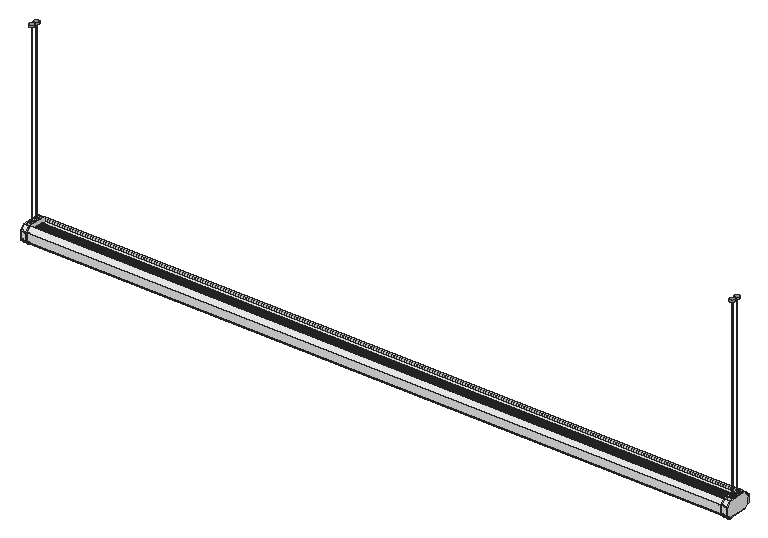
Revit family "Uno Suspended Lighting Fixture 1", category Lighting Fixtures, host Ceiling, Revit 2018 (continued)
Definition of nested family "Uno Suspended-UNOS1 With Joiner"
  Dimensions and locks (in)
    aligned and locked: Extrusion 15 to plane 29
    aligned and locked: Extrusion 16 to plane 18
    aligned and locked: Extrusion 16 sketch curve to plane 12
    aligned and locked: Extrusion 16 sketch curve to plane 28
    aligned and locked: Extrusion 16 sketch curve to plane 26
    aligned and locked: plane 27 to Extrusion 16 sketch curve
    aligned and locked: Extrusion 17 to plane 18
    aligned and locked: Extrusion 7 to plane 9
    aligned and locked: plane 7 to Extrusion 7
    aligned and locked: Extrusion 3 sketch curve to cut or joined group of Extrusion 1, Extrusion 7  (x4)
    aligned and locked: Extrusion 17 to plane 17
    aligned and locked: Extrusion 16 to plane 17
    aligned and locked: Extrusion 17 sketch curve to cut or joined group of Extrusion 1, Extrusion 7  (x2)
    aligned and locked: Extrusion 17 sketch curve to plane 5
    aligned and locked: Extrusion 17 sketch curve to plane 10
    aligned and locked: Extrusion 17 sketch curve to plane 19
    aligned and locked: Extrusion 17 sketch curve to plane 14
    aligned and locked: Extrusion 17 sketch curve to plane 8
    aligned and locked: Extrusion 17 sketch curve to plane 12
    aligned and locked: plane 8 to Extrusion 17 sketch curve
    aligned and locked: plane 12 to Extrusion 17 sketch curve
    aligned and locked: Extrusion 17 sketch curve to plane 6
    aligned and locked: plane 11 to Extrusion 17 sketch curve
    aligned and locked: plane 7 to Extrusion 17 sketch curve
    aligned and locked: plane 20 to Extrusion 17 sketch curve
    aligned and locked: cut or joined group of Extrusion 1, Extrusion 7 to Extrusion 17 sketch curve
    aligned and locked: plane 4 "Light Source Elevation" to plane 13
    aligned and locked: plane 1 "Light Source Axis (F/B)" to Extrusion 20 sketch curve
    aligned and locked: plane 32 to Extrusion 6 sketch curve  (x3)
    aligned and locked: plane 1 "Light Source Axis (F/B)" to Revolve 21
    aligned and locked: plane 1 "Light Source Axis (F/B)" to Revolve 22
    aligned and locked: plane 32 to Extrusion 23 sketch curve
    aligned and locked: plane 1 "Light Source Axis (F/B)" to Extrusion 23 sketch curve
    aligned and locked: Extrusion 13 to Extrusion 23
    aligned and locked: Extrusion 23 to plane 7
    aligned and locked: Extrusion 19 to Revolve 22
  Automatic sketch dimensions
    Extrusion 1 sketch curve to plane 6 = 0' - 0"
    Extrusion 1 sketch curve to plane 11 = 0' - 0"
    Extrusion 1 sketch curve to plane 8 = 0' - 0"
    Extrusion 1 sketch curve to plane 12 = 0' - 0"
    Extrusion 1 sketch curve to plane 14 = 0' - 0"
    Extrusion 1 sketch curve to plane 7 = 0' - 0"  (x3)
    Extrusion 1 sketch curve to plane 19 = 0' - 0"
    Extrusion 1 sketch curve to plane 10 = 0' - 0"
    Extrusion 1 sketch curve to plane 5 = 0' - 0"
    plane 6 to Extrusion 1 sketch curve = 0' - 0.02034"
    plane 6 to Extrusion 1 sketch curve = 0' - 0.02059"
    Extrusion 1 sketch curve to plane 14 = 0' - 0.02877"
    Extrusion 1 sketch curve to Extrusion 1 sketch curve = 0' - 0.04911"
    Extrusion 1 sketch curve to plane 15 = 0' - 0.02912"  (x2)
    Extrusion 1 sketch curve to Extrusion 1 sketch curve = 0' - 0 9/128"
    Extrusion 1 sketch curve to plane 20 = 0' - 0.0425"
    Extrusion 1 sketch curve to plane 20 = 0' - 0.10773"
    Extrusion 1 sketch curve to Extrusion 1 sketch curve = 0' - 0.19159"
    Extrusion 1 sketch curve to Extrusion 1 sketch curve = 0' - 0.09526"  (x4)
    Extrusion 1 sketch curve to Extrusion 1 sketch curve = 0' - 0.38212"
    plane 14 to Extrusion 1 sketch curve = 0' - 0.0425"
    Extrusion 1 sketch curve to plane 19 = 0' - 0.10773"
    Extrusion 1 sketch curve to plane 19 = 0' - 0.0425"
    Extrusion 1 sketch curve to plane 14 = 0' - 0.02912"
    Extrusion 1 sketch curve to plane 5 = 0' - 0 9/128"  (x2)
    Extrusion 1 sketch curve to plane 5 = 0' - 0.02059"  (x2)
    Extrusion 1 sketch curve to plane 15 = 0' - 0.06523"  (x2)
    Extrusion 1 sketch curve to plane 14 = 0' - 0.06523"  (x2)
    Extrusion 1 sketch curve to Extrusion 1 sketch curve = 0' - 0"  (x2)
    plane 14 to Extrusion 1 sketch curve = 0' - 0.09027"  (x2)
    Extrusion 1 sketch curve to Extrusion 1 sketch curve = 0' - 0.09027"  (x2)
    Extrusion 1 sketch curve to plane 9 = 0' - 0.10773"  (x2)
    Extrusion 1 sketch curve to plane 7 = 0' - 0 11/256"
    Extrusion 2 sketch curve to plane 6 = 0' - 0"
    Extrusion 2 sketch curve to plane 11 = 0' - 0"
    Extrusion 2 sketch curve to plane 20 = 0' - 0"
    Extrusion 2 sketch curve to plane 7 = 0' - 0"  (x3)
    Extrusion 2 sketch curve to plane 8 = 0' - 0"
    Extrusion 2 sketch curve to plane 12 = 0' - 0"
    Extrusion 2 sketch curve to plane 14 = 0' - 0"  (x2)
    Extrusion 2 sketch curve to plane 19 = 0' - 0"
    Extrusion 2 sketch curve to plane 10 = 0' - 0"
    Extrusion 2 sketch curve to plane 5 = 0' - 0"
    plane 6 to Extrusion 2 sketch curve = 0' - 0.02034"
    plane 6 to Extrusion 2 sketch curve = 0' - 0.02059"
    Extrusion 2 sketch curve to plane 14 = 0' - 0.02877"
    Extrusion 2 sketch curve to Extrusion 2 sketch curve = 0' - 0.06946"
    Extrusion 2 sketch curve to plane 15 = 0' - 0.02912"  (x2)
    Extrusion 2 sketch curve to Extrusion 2 sketch curve = 0' - 0 9/128"
    plane 8 to Extrusion 2 sketch curve = 0' - 0.01259"
    Extrusion 2 sketch curve to plane 20 = 0' - 0.02991"
    Extrusion 2 sketch curve to plane 20 = 0' - 0.0425"
    Extrusion 2 sketch curve to Extrusion 2 sketch curve = 0' - 0.03038"
    Extrusion 2 sketch curve to plane 20 = 0' - 0.10773"
    plane 14 to Extrusion 2 sketch curve = 0' - 0.0425"  (x4)
    Extrusion 2 sketch curve to plane 27 = 0' - 0.26661"
    Extrusion 2 sketch curve to Extrusion 2 sketch curve = 0' - 0.19159"
    Extrusion 2 sketch curve to Extrusion 2 sketch curve = 0' - 0.09526"  (x4)
    plane 14 to Extrusion 2 sketch curve = 0' - 0.18054"
    Extrusion 2 sketch curve to plane 1 "Light Source Axis (F/B)" = 0' - 0.39377"
    Extrusion 2 sketch curve to plane 7 = 0' - 0 11/256"
    Extrusion 2 sketch curve to plane 26 = 0' - 0.30911"
    Extrusion 2 sketch curve to plane 19 = 0' - 0.10773"
    Extrusion 2 sketch curve to plane 19 = 0' - 0.0603"
    plane 8 to Extrusion 2 sketch curve = 0' - 0.01257"
    Extrusion 2 sketch curve to plane 19 = 0' - 0.02993"
    Extrusion 2 sketch curve to plane 14 = 0' - 0.02912"
    Extrusion 2 sketch curve to plane 5 = 0' - 0 9/128"  (x2)
    Extrusion 2 sketch curve to plane 5 = 0' - 0.02059"  (x2)
    Extrusion 2 sketch curve to plane 9 = 0' - 0.10773"  (x2)
    Extrusion 2 sketch curve to Extrusion 2 sketch curve = 0' - 0.18054"
    plane 14 to Extrusion 2 sketch curve = 0' - 0.09027"  (x2)
    Extrusion 2 sketch curve to plane 14 = 0' - 0.06523"  (x2)
    Extrusion 2 sketch curve to plane 15 = 0' - 0.06523"  (x2)
    plane 6 to Extrusion 3 sketch curve = 0' - 0.02034"
    plane 6 to Extrusion 3 sketch curve = 0' - 0.02059"
    Extrusion 3 sketch curve to plane 20 = 0' - 0.0425"
    Extrusion 3 sketch curve to plane 19 = 0' - 0.0425"
    Extrusion 3 sketch curve to plane 5 = 0' - 0.02059"  (x2)
    Extrusion 4 sketch curve to plane 6 = 0' - 0"
    Extrusion 4 sketch curve to plane 8 = 0' - 0"
    Extrusion 4 sketch curve to plane 7 = 0' - 0"
    Extrusion 4 sketch curve to plane 5 = 0' - 0"
    plane 6 to Extrusion 4 sketch curve = 0' - 0.02034"
    plane 6 to Extrusion 4 sketch curve = 0' - 0.02059"
    Extrusion 4 sketch curve to plane 14 = 0' - 0.02877"
    Extrusion 4 sketch curve to Extrusion 4 sketch curve = 0' - 0.04911"
    Extrusion 4 sketch curve to plane 15 = 0' - 0.02912"  (x2)
    Extrusion 4 sketch curve to Extrusion 4 sketch curve = 0' - 0.04972"
    Extrusion 4 sketch curve to plane 7 = 0' - 0.01305"
    Extrusion 4 sketch curve to plane 20 = 0' - 0.02945"
    plane 8 to Extrusion 4 sketch curve = 0' - 0.01257"  (x2)
    Extrusion 4 sketch curve to plane 20 = 0' - 0.02993"
    Extrusion 4 sketch curve to Extrusion 4 sketch curve = 0' - 0.03037"
    Extrusion 4 sketch curve to Extrusion 4 sketch curve = 0' - 0.0315"
    Extrusion 4 sketch curve to plane 19 = 0' - 0.0603"  (x2)
    Extrusion 4 sketch curve to plane 7 = 0' - 0.01257"
    Extrusion 4 sketch curve to plane 19 = 0' - 0.02993"  (x2)
    Extrusion 4 sketch curve to plane 5 = 0' - 0 9/128"  (x2)
    Extrusion 4 sketch curve to plane 14 = 0' - 0.02912"
    Extrusion 4 sketch curve to plane 5 = 0' - 0.02059"  (x2)
    Extrusion 5 sketch curve to plane 15 = 0' - 0.02737"  (x2)
    plane 6 to Extrusion 5 sketch curve = 0' - 0.06607"
    Extrusion 5 sketch curve to plane 20 = 0' - 0.06987"  (x2)
    Extrusion 5 sketch curve to plane 28 = 0' - 0.01267"
    Extrusion 5 sketch curve to plane 19 = 0' - 0.06987"  (x2)
    Extrusion 5 sketch curve to plane 5 = 0' - 0.06607"
    Extrusion 5 sketch curve to plane 14 = 0' - 0.02737"  (x2)
    Extrusion 5 sketch curve to plane 7 = 0' - 0.06607"
    Extrusion 8 sketch curve to plane 31 = 0' - 0.97247"
    Extrusion 8 sketch curve to plane 31 = 0' - 1.4302"
    Revolve 9 sketch curve to plane 25 = 0' - 0"  (x2)
    plane 25 to Revolve 9 sketch curve = 0' - 0.0584"
    plane 7 to Revolve 9 sketch curve = 0' - 0 1/256"
    Revolve 9 sketch curve to Revolve 9 sketch curve = 0' - 0.07117"
    Revolve 9 sketch curve to Revolve 9 sketch curve = 0' - 0.04714"  (x2)
    Revolve 9 sketch curve to plane 7 = 0' - 0 3/64"
    Revolve 9 sketch curve to Revolve 9 sketch curve = 0' - 0.02475"  (x2)
    Revolve 9 sketch curve to Revolve 9 sketch curve = 0' - 0.05341"
    Revolve 9 sketch curve to Revolve 9 sketch curve = 0' - 0"
    Revolve 9 sketch curve to Revolve 9 sketch curve = 0' - 0.12376"
    Revolve 10 sketch curve to plane 25 = 0' - 0"  (x2)
    plane 25 to Revolve 10 sketch curve = 0' - 0.0584"
    plane 7 to Revolve 10 sketch curve = 0' - 0 1/256"
    Revolve 10 sketch curve to Revolve 10 sketch curve = 0' - 0.07117"
    Revolve 10 sketch curve to Revolve 10 sketch curve = 0' - 0.04714"  (x2)
    Revolve 10 sketch curve to Revolve 10 sketch curve = 0' - 0.02475"  (x2)
    Revolve 10 sketch curve to Revolve 10 sketch curve = 0' - 0.05341"
    Revolve 10 sketch curve to plane 7 = 0' - 0 3/64"
    Revolve 10 sketch curve to Revolve 10 sketch curve = 0' - 0"
    Revolve 10 sketch curve to Revolve 10 sketch curve = 0' - 0.12376"
    Revolve 11 sketch curve to plane 32 = 0' - 0"  (x2)
    Revolve 11 sketch curve to plane 32 = 0' - 0.0584"
    plane 7 to Revolve 11 sketch curve = 0' - 0 1/256"
    Revolve 11 sketch curve to Revolve 11 sketch curve = 0' - 0.07117"
    Revolve 11 sketch curve to Revolve 11 sketch curve = 0' - 0.04714"  (x2)
    Revolve 11 sketch curve to Revolve 11 sketch curve = 0' - 0.02475"  (x2)
    Revolve 11 sketch curve to Revolve 11 sketch curve = 0' - 0.05341"
    Revolve 11 sketch curve to plane 7 = 0' - 0 3/64"
    Revolve 11 sketch curve to Revolve 11 sketch curve = 0' - 0"
    Revolve 11 sketch curve to Revolve 11 sketch curve = 0' - 0.12376"
    Revolve 12 sketch curve to plane 32 = 0' - 0"  (x2)
    Revolve 12 sketch curve to plane 32 = 0' - 0.0584"
    plane 7 to Revolve 12 sketch curve = 0' - 0 1/256"
    Revolve 12 sketch curve to Revolve 12 sketch curve = 0' - 0.07117"
    Revolve 12 sketch curve to Revolve 12 sketch curve = 0' - 0.04714"  (x2)
    Revolve 12 sketch curve to plane 7 = 0' - 0 3/64"
    Revolve 12 sketch curve to Revolve 12 sketch curve = 0' - 0.02475"  (x2)
    Revolve 12 sketch curve to Revolve 12 sketch curve = 0' - 0.05341"
    Revolve 12 sketch curve to Revolve 12 sketch curve = 0' - 0"
    Revolve 12 sketch curve to Revolve 12 sketch curve = 0' - 0.12376"
    Extrusion 15 sketch curve to plane 25 = 0' - 0"  (x2)
    Extrusion 17 sketch curve to plane 7 = 0' - 0"
    plane 6 to Extrusion 17 sketch curve = 0' - 0.02034"
    plane 6 to Extrusion 17 sketch curve = 0' - 0.02059"
    Extrusion 17 sketch curve to plane 14 = 0' - 0.02877"
    Extrusion 17 sketch curve to Extrusion 17 sketch curve = 0' - 0.04911"
    Extrusion 17 sketch curve to plane 15 = 0' - 0.02912"  (x2)
    Extrusion 17 sketch curve to Extrusion 17 sketch curve = 0' - 0 9/128"
    Extrusion 17 sketch curve to plane 20 = 0' - 0.0425"  (x2)
    Extrusion 17 sketch curve to plane 20 = 0' - 0.10773"
    Extrusion 17 sketch curve to Extrusion 17 sketch curve = 0' - 0.01821"  (x6)
    Extrusion 17 sketch curve to plane 19 = 0' - 0.10773"
    Extrusion 17 sketch curve to plane 19 = 0' - 0.0425"
    Extrusion 17 sketch curve to plane 5 = 0' - 0 9/128"
    Extrusion 17 sketch curve to plane 14 = 0' - 0.02912"
    Extrusion 17 sketch curve to plane 5 = 0' - 0.02059"  (x2)
    Extrusion 17 sketch curve to plane 9 = 0' - 0.10773"  (x2)
    Extrusion 17 sketch curve to Extrusion 17 sketch curve = 0' - 0.06038"  (x2)
    plane 14 to Extrusion 17 sketch curve = 0' - 0.10288"  (x4)
    plane 14 to Extrusion 17 sketch curve = 0' - 0.0425"  (x2)
    Extrusion 17 sketch curve to Extrusion 17 sketch curve = 0' - 0"  (x3)
    Extrusion 17 sketch curve to plane 14 = 0' - 0.06523"  (x2)
    Extrusion 17 sketch curve to plane 15 = 0' - 0.06523"  (x2)
    Sweep 18 sketch curve to profile plane = 0' - 0"  (x2)
    Sweep 18 sketch curve to profile plane = 0' - 0.01196"
    profile plane to Sweep 18 sketch curve = 0' - 0.07712"
    Sweep 18 sketch curve to Sweep 18 sketch curve = 0' - 0.00162"
    plane 1 "Light Source Axis (F/B)" to Extrusion 19 sketch curve = 0' - 0"
    Extrusion 19 sketch curve to plane 25 = 0' - 0"
    plane 1 "Light Source Axis (F/B)" to Extrusion 20 sketch curve = 0' - 0"
    Extrusion 20 sketch curve to plane 25 = 0' - 0"
    Revolve 21 sketch curve to plane 32 = 0' - 0"  (x2)
    Revolve 21 sketch curve to plane 32 = 0' - 0.0584"
    plane 7 to Revolve 21 sketch curve = 0' - 0 1/256"
    Revolve 21 sketch curve to Revolve 21 sketch curve = 0' - 0.07117"
    Revolve 21 sketch curve to Revolve 21 sketch curve = 0' - 0.04714"  (x2)
    Revolve 21 sketch curve to plane 7 = 0' - 0 3/64"
    Revolve 21 sketch curve to Revolve 21 sketch curve = 0' - 0.02475"  (x2)
    Revolve 21 sketch curve to Revolve 21 sketch curve = 0' - 0.05341"
    Revolve 21 sketch curve to Revolve 21 sketch curve = 0' - 0"
    Revolve 21 sketch curve to Revolve 21 sketch curve = 0' - 0.12376"
    Revolve 22 sketch curve to plane 25 = 0' - 0"  (x2)
    plane 25 to Revolve 22 sketch curve = 0' - 0.0584"
    plane 7 to Revolve 22 sketch curve = 0' - 0 1/256"
    Revolve 22 sketch curve to Revolve 22 sketch curve = 0' - 0.07117"
    Revolve 22 sketch curve to Revolve 22 sketch curve = 0' - 0.04714"  (x2)
    Revolve 22 sketch curve to plane 7 = 0' - 0 3/64"
    Revolve 22 sketch curve to Revolve 22 sketch curve = 0' - 0.02475"  (x2)
    Revolve 22 sketch curve to Revolve 22 sketch curve = 0' - 0.05341"
    Revolve 22 sketch curve to Revolve 22 sketch curve = 0' - 0"
    Revolve 22 sketch curve to Revolve 22 sketch curve = 0' - 0.12376"
    radius of Extrusion 1 sketch curve = 0' - 0 1/32"  (x2)
    radius of Extrusion 2 sketch curve = 0' - 0 1/32"  (x2)
    radius of Extrusion 6 sketch curve = 0' - 0.13765"  (x3)
    radius of Extrusion 7 sketch curve = 0' - 0.13765"  (x3)
    radius of Extrusion 13 sketch curve = 0' - 0.03694"
    radius of Extrusion 13 sketch curve = 0' - 0.03704"
    radius of Extrusion 14 sketch curve = 0' - 0 9/256"  (x2)
    radius of Extrusion 15 sketch curve = 0' - 0.32865"  (x2)
    radius of Extrusion 15 sketch curve = 0' - 0 21/64"  (x2)
    radius of Extrusion 19 sketch curve = 0' - 0.03694"
    radius of Extrusion 20 sketch curve = 0' - 0.32865"  (x2)
    radius of Extrusion 23 sketch curve = 0' - 0.03694"
Definition of nested family "Uno Suspended-UNOS1 With 2 Joiner"
  Parameters (values of type "4FT")
    xx2 = 0' - 0 7/8"
    Width [instance] = 3' - 10"
    Wattage = 9.2903 W
    built-in parameter 1150110 = 1 (stored number, unit not read)
    built-in parameter 1114217 = 1 (stored number, unit not read)
    Tilt Angle = 90.00°
    built-in parameter 1150109 = 1 (stored number, unit not read)
    built-in parameter 1150134 = (empty or 0)
    built-in parameter 1150113 = 1 (stored number, unit not read)
    Standard Power Dropdown [instance] = no
    Power over Aircraft Cable [instance] = yes
    Photometric Web File = ""
    built-in parameter 1150142 = (empty or 0)
    Material = none
    Lumens = 1075.82 lm
    built-in parameter 1150115 = 1 (stored number, unit not read)
    built-in parameter 1150105 = 85.611 (stored number, unit not read)
    built-in parameter 1150137 = (empty or 0)
    built-in parameter 1150139 = (empty or 0)
    Length = 4' - 0"
    built-in parameter 1150112 = 1 (stored number, unit not read)
    built-in parameter 1150114 = 1 (stored number, unit not read)
    built-in parameter 1150132 = (empty or 0)
    built-in parameter 1150102 = (empty or 0)
    built-in parameter 1150138 = (empty or 0)
    built-in parameter 1150107 = 3000 (stored number, unit not read)
    built-in parameter 1150106 = 0.85611 (stored number, unit not read)
    Heigth = 0' - 2.17"
    Hanger = none
    Glass = none
    Emit from Line Length = 4' - 0"
    built-in parameter 1150104 = 10.758 (stored number, unit not read)
    Distance from ceiling = 5' - 0"
    Dimming Lamp Color Temperature Shift = (empty or 0)
    Depth = 0' - 3.67"
    Color Filter = 16777215
    built-in parameter 1114218 = 1 (stored number, unit not read)
    built-in parameter 1150133 = 10 (stored number, unit not read)
    Apparent Load = 0 VA
  Types (3): name | Length | Emit from Line Length
    4FT | 4' - 0" | 4' - 0"
    6FT | 6' - 0" | 6' - 0"
    8FT | 8' - 0" | 8' - 0"
  Reference planes (in)
    plane 1 "Light Source Axis (F/B)": y = 0
    plane 2 "Ceiling": z = 96
    plane 3 "Light Source Axis (L/R)": x = 0
    plane 4 "Light Source Elevation": z = 34.915
    plane 5: y = 1.835
    plane 6: y = -1.835
    plane 7: z = 36
    plane 8: z = 33.83
    plane 9: z = 35.84252
    plane 10: y = 1.67752
    plane 11: y = -1.67752
    plane 12: z = 33.98748
    plane 13: z = 34.915
    plane 14: z = 35.4575
    plane 15: z = 34.3725
    plane 16: x = -23.125
    plane 17: x = 23.125
    plane 18: y = 1.335
    plane 19: y = -1.335
    plane 20: x = -23.20374
    plane 21: x = 23.20374
    plane 22: x = -24
    plane 23: x = 24
    plane 24: x = -23.60187
    plane 25: y = 1.085
    plane 26: y = -1.085
    plane 27: z = 33.90874
    plane 28: z = 95.84252
    plane 29: x = -0.25
    plane 30: x = 0.25
    plane 31: x = 23.5625
  Forms (in)
    Extrusion 1, solid, material <- "Material"
      sketch origin (0, 0, 0) x (0, 1, 0) y (0, 0, 1)
        loop
          line (1.81441, 35.47809) -> (1.2925, 36) -> (1.2925, 35.5) -> (0.81839, 35.5) -> (0.81839, 36) -> (-0.81839, 36) -> (-0.81839, 35.5) -> (-1.2925, 35.5) -> (-1.2925, 36) -> (-1.81466, 35.47784)
          arc (-1.81466, 35.47784) -> (-1.82971, 35.45531) -> (-1.835, 35.42873) r 0.06946
          line (-1.835, 35.42873) -> (-1.835, 34.40162)
          arc (-1.835, 34.40162) -> (-1.82965, 34.37472) -> (-1.81441, 34.35191) r 0.07031
          line (-1.81441, 34.35191) -> (-1.2925, 33.83) -> (1.2925, 33.83) -> (1.81441, 34.35191)
          arc (1.81441, 34.35191) -> (1.82965, 34.37472) -> (1.835, 34.40162) r 0.07031
          line (1.835, 34.40162) -> (1.835, 35.42838)
          arc (1.835, 35.42838) -> (1.82965, 35.45528) -> (1.81441, 35.47809) r 0.07031
        loop
          line (1.335, 35.4575) -> (0.39377, 35.4575) -> (0.39377, 35.63804) -> (0.58429, 35.63804) -> (0.58429, 35.5) -> (0.77589, 35.5) -> (0.77589, 35.95703) -> (-0.77589, 35.95703) -> (-0.77589, 35.5) -> (-0.58429, 35.5) -> (-0.58429, 35.63804) -> (-0.39377, 35.63804) -> (-0.39377, 35.4575) -> (-1.335, 35.4575) -> (-1.335, 35.73479) -> (-1.67752, 35.39227) -> (-1.67752, 34.43773) -> (-1.22727, 33.98748) -> (1.22727, 33.98748) -> (1.67752, 34.43773) -> (1.67752, 35.39227) -> (1.335, 35.73479) -> (1.335, 35.4575)
        loop
          circle (-0.48903, 35.54777) r 0.03125
        loop
          circle (0.48903, 35.54777) r 0.03125
      from -24 to -23.20374
    Extrusion 2, solid, material <- "Material"
      sketch origin (0, 0, 0) x (0, 1, 0) y (0, 0, -1)
        loop
          arc (1.81441, -35.47809) -> (1.82965, -35.45528) -> (1.835, -35.42838) r 0.07031
          line (1.835, -35.42838) -> (1.835, -34.40162)
          arc (1.835, -34.40162) -> (1.82965, -34.37472) -> (1.81441, -34.35191) r 0.07031
          line (1.81441, -34.35191) -> (1.30507, -33.84257)
          arc (1.30507, -33.84257) -> (1.29114, -33.83327) -> (1.2747, -33.83) r 0.04297
          line (1.2747, -33.83) -> (-1.2747, -33.83)
          arc (-1.2747, -33.83) -> (-1.29115, -33.83327) -> (-1.30509, -33.84259) r 0.04297
          line (-1.30509, -33.84259) -> (-1.81441, -34.35191)
          arc (-1.81441, -34.35191) -> (-1.82965, -34.37472) -> (-1.835, -34.40162) r 0.07031
          line (-1.835, -34.40162) -> (-1.835, -35.42873)
          arc (-1.835, -35.42873) -> (-1.82971, -35.45531) -> (-1.81466, -35.47784) r 0.06946
          line (-1.81466, -35.47784) -> (-1.2925, -36) -> (-1.2925, -35.5) -> (-0.81839, -35.5) -> (-0.81839, -36) -> (0.81839, -36) -> (0.81839, -35.5) -> (1.2925, -35.5) -> (1.2925, -36) -> (1.81441, -35.47809)
        loop
          line (1.335, -35.4575) -> (1.335, -35.73479) -> (1.67752, -35.39227) -> (1.67752, -34.43773) -> (1.22727, -33.98748) -> (-1.22727, -33.98748) -> (-1.67752, -34.43773) -> (-1.67752, -35.39227) -> (-1.335, -35.73479) -> (-1.335, -35.4575) -> (-0.39377, -35.4575) -> (-0.39377, -35.63804) -> (-0.58429, -35.63804) -> (-0.58429, -35.5) -> (-0.77589, -35.5) -> (-0.77589, -35.95703) -> (0.77589, -35.95703) -> (0.77589, -35.5) -> (0.58429, -35.5) -> (0.58429, -35.63804) -> (0.39377, -35.63804) -> (0.39377, -35.4575) -> (1.335, -35.4575)
        loop
          circle (-0.48903, -35.54777) r 0.03125
        loop
          circle (0.48903, -35.54777) r 0.03125
      from -24 to -23.20374
    Extrusion 3, solid, material <- "Material"
      sketch origin (0, 0, 0) x (0, 1, 0) y (0, 0, 1)
        loop
          line (1.835, 34.40162) -> (1.835, 35.42838)
          arc (1.835, 35.42838) -> (1.82965, 35.45528) -> (1.81441, 35.47809) r 0.07031
          line (1.81441, 35.47809) -> (1.2925, 36) -> (-1.2925, 36) -> (-1.81466, 35.47784)
          arc (-1.81466, 35.47784) -> (-1.82971, 35.45531) -> (-1.835, 35.42873) r 0.06946
          line (-1.835, 35.42873) -> (-1.835, 34.40162)
          arc (-1.835, 34.40162) -> (-1.82965, 34.37472) -> (-1.81441, 34.35191) r 0.07031
          line (-1.81441, 34.35191) -> (-1.2925, 33.83) -> (1.2925, 33.83) -> (1.81441, 34.35191)
          arc (1.81441, 34.35191) -> (1.82965, 34.37472) -> (1.835, 34.40162) r 0.07031
      from -23.20374 to -23.125
    Extrusion 4, solid, material <- "Material"
      sketch origin (0, 0, 0) x (0, 1, 0) y (0, 0, -1)
        loop
          arc (1.835, -34.40162) -> (1.82965, -34.37472) -> (1.81441, -34.35191) r 0.07031
          line (1.81441, -34.35191) -> (1.30507, -33.84257)
          arc (1.30507, -33.84257) -> (1.29114, -33.83327) -> (1.2747, -33.83) r 0.04297
          line (1.2747, -33.83) -> (-1.2747, -33.83)
          arc (-1.2747, -33.83) -> (-1.29113, -33.83327) -> (-1.30507, -33.84257) r 0.04297
          line (-1.30507, -33.84257) -> (-1.81441, -34.35191)
          arc (-1.81441, -34.35191) -> (-1.82965, -34.37472) -> (-1.835, -34.40162) r 0.07031
          line (-1.835, -34.40162) -> (-1.835, -35.42873)
          arc (-1.835, -35.42873) -> (-1.82971, -35.45531) -> (-1.81466, -35.47784) r 0.06946
          line (-1.81466, -35.47784) -> (-1.30555, -35.98695)
          arc (-1.30555, -35.98695) -> (-1.2911, -35.99661) -> (-1.27405, -36) r 0.04455
          line (-1.27405, -36) -> (1.2747, -36)
          arc (1.2747, -36) -> (1.29114, -35.99673) -> (1.30507, -35.98743) r 0.04297
          line (1.30507, -35.98743) -> (1.81441, -35.47809)
          arc (1.81441, -35.47809) -> (1.82965, -35.45528) -> (1.835, -35.42838) r 0.07031
          line (1.835, -35.42838) -> (1.835, -34.40162)
      from -23.20374 to -23.125
    Extrusion 5, void
      sketch origin (0, 0, 0) x (1, 0, 0) y (0, 1, 0)
        loop
          circle (23.5625, 0) r 0.13765
        loop
          circle (23.5625, 0.39377) r 0.13765
        loop
          circle (23.5625, -0.39377) r 0.13765
      from 35.84252 to 36
    Extrusion 6, void
      sketch origin (0, 0, 0) x (-1, 0, 0) y (0, -1, 0)
        loop
          circle (23.60187, 0) r 0.13765
        loop
          circle (23.60187, -0.39377) r 0.13765
        loop
          circle (23.60187, 0.39377) r 0.13765
      from 35.84252 to 36
    Extrusion 7, void
      sketch origin (0, 0, 0) x (1, 0, 0) y (0, 1, 0)
        loop
          line (-23.125, 1.085) -> (-23.125, -1.085) -> (1.6802, -1.085) -> (23.125, -1.085) -> (23.125, 1.085) -> (1.22247, 1.085) -> (-23.125, 1.085)
      from 33.83 to 33.98748
    Revolve 8, solid, material <- "Hanger", visible <- "Power over Aircraft Cable"
      sketch origin (0, 0.39377, 0) x (1, 0, 0) y (0, 0, 1)
        loop
          arc (-23.42516, 36.00391) -> (-23.4004, 36.02866) -> (-23.42516, 36.05341) r 0.02475
          line (-23.42516, 36.05341) -> (-23.54347, 36.05341) -> (-23.54347, 36.10683) -> (-23.60187, 36.10683) -> (-23.60187, 35.90362) -> (-23.42516, 35.90362)
          arc (-23.42516, 35.90362) -> (-23.4004, 35.92837) -> (-23.42516, 35.95313) r 0.02475
          line (-23.42516, 35.95313) -> (-23.4723, 35.95313) -> (-23.4723, 36.00391) -> (-23.42516, 36.00391)
        axis (-23.60187, 35.90362) -> (-23.60187, 36.10683)
      angle from 0 to 360
    Revolve 9, solid, material <- "Hanger", visible <- "Power over Aircraft Cable"
      sketch origin (0, -0.39377, 0) x (1, 0, 0) y (0, 0, -1)
        loop
          line (-23.42516, -36.00391) -> (-23.4723, -36.00391) -> (-23.4723, -35.95313) -> (-23.42516, -35.95313)
          arc (-23.42516, -35.95313) -> (-23.4004, -35.92837) -> (-23.42516, -35.90362) r 0.02475
          line (-23.42516, -35.90362) -> (-23.60187, -35.90362) -> (-23.60187, -36.10683) -> (-23.54347, -36.10683) -> (-23.54347, -36.05341) -> (-23.42516, -36.05341)
          arc (-23.42516, -36.05341) -> (-23.4004, -36.02866) -> (-23.42516, -36.00391) r 0.02475
        axis (-23.60187, -35.90362) -> (-23.60187, -36.10683)
      angle from 0 to 360
    Revolve 10, solid, material <- "Hanger", visible <- "Power over Aircraft Cable"
      sketch origin (0, 0.39377, 0) x (-1, 0, 0) y (0, 0, -1)
        loop
          line (-23.38579, -36.00391) -> (-23.43293, -36.00391) -> (-23.43293, -35.95313) -> (-23.38579, -35.95313)
          arc (-23.38579, -35.95313) -> (-23.36103, -35.92837) -> (-23.38579, -35.90362) r 0.02475
          line (-23.38579, -35.90362) -> (-23.5625, -35.90362) -> (-23.5625, -36.10683) -> (-23.5041, -36.10683) -> (-23.5041, -36.05341) -> (-23.38579, -36.05341)
          arc (-23.38579, -36.05341) -> (-23.36103, -36.02866) -> (-23.38579, -36.00391) r 0.02475
        axis (-23.5625, -35.90362) -> (-23.5625, -36.10683)
      angle from 0 to 360
    Revolve 11, solid, material <- "Hanger", visible <- "Power over Aircraft Cable"
      sketch origin (0, -0.39377, 0) x (-1, 0, 0) y (0, 0, 1)
        loop
          arc (-23.38579, 36.00391) -> (-23.36103, 36.02866) -> (-23.38579, 36.05341) r 0.02475
          line (-23.38579, 36.05341) -> (-23.5041, 36.05341) -> (-23.5041, 36.10683) -> (-23.5625, 36.10683) -> (-23.5625, 35.90362) -> (-23.38579, 35.90362)
          arc (-23.38579, 35.90362) -> (-23.36103, 35.92837) -> (-23.38579, 35.95313) r 0.02475
          line (-23.38579, 35.95313) -> (-23.43293, 35.95313) -> (-23.43293, 36.00391) -> (-23.38579, 36.00391)
        axis (-23.5625, 35.90362) -> (-23.5625, 36.10683)
      angle from 0 to 360
    Extrusion 12, solid, material <- "Hanger", visible <- "Power over Aircraft Cable"
      sketch origin (0, 0, 0) x (1, 0, 0) y (0, 1, 0)
        loop
          circle (-23.60187, 0.39377) r 0.03694
        loop
          circle (-23.60187, -0.39377) r 0.03704
      from 36 to 95.84252
    Extrusion 13, solid, material <- "Hanger", visible <- "Power over Aircraft Cable"
      sketch origin (0, 0, 0) x (1, 0, 0) y (0, 1, 0)
        loop
          circle (23.5625, 0.39377) r 0.03516
        loop
          circle (23.5625, -0.39377) r 0.03516
      from 36 to 95.84252
    Extrusion 14, solid, material <- "Hanger", visible <- "Power over Aircraft Cable"
      sketch origin (0, 0, 0) x (1, 0, 0) y (0, 1, 0)
        loop
          circle (23.5625, 0.39377) r 0.32865
        loop
          circle (23.5625, -0.39377) r 0.32812
        loop
          circle (-23.60187, 0.39377) r 0.32865
        loop
          circle (-23.60187, -0.39377) r 0.32812
      from 95.84252 to 96
    Extrusion 15, solid, material <- "Glass"
      sketch origin (0, 0, 0) x (0, 1, 0) y (0, 0, -1)
        loop
          line (1.085, -33.98748) -> (1.085, -33.90874) -> (-1.085, -33.90874) -> (-1.085, -33.98748) -> (1.085, -33.98748)
      from -23.125 to 23.125
    Extrusion 16, solid, material <- "Material"
      sketch origin (0, 0, 0) x (0, 1, 0) y (0, 0, -1)
        loop
          arc (1.835, -34.40162) -> (1.82965, -34.37472) -> (1.81441, -34.35191) r 0.07031
          line (1.81441, -34.35191) -> (1.2925, -33.83) -> (-1.2925, -33.83) -> (-1.81441, -34.35191)
          arc (-1.81441, -34.35191) -> (-1.82965, -34.37472) -> (-1.835, -34.40162) r 0.07031
          line (-1.835, -34.40162) -> (-1.835, -35.42873)
          arc (-1.835, -35.42873) -> (-1.82971, -35.45531) -> (-1.81466, -35.47784) r 0.06946
          line (-1.81466, -35.47784) -> (-1.2925, -36) -> (-1.2925, -35.5) -> (-0.69524, -35.5) -> (-0.69524, -35.56038)
          arc (-0.69524, -35.56038) -> (-0.67703, -35.5786) -> (-0.65881, -35.56038) r 0.01821
          line (-0.65881, -35.56038) -> (-0.65881, -35.5) -> (-0.44524, -35.5) -> (-0.44524, -35.56038)
          arc (-0.44524, -35.56038) -> (-0.42703, -35.5786) -> (-0.40881, -35.56038) r 0.01821
          line (-0.40881, -35.56038) -> (-0.40881, -35.5) -> (-0.19524, -35.5) -> (-0.19524, -35.56038)
          arc (-0.19524, -35.56038) -> (-0.17703, -35.5786) -> (-0.15881, -35.56038) r 0.01821
          line (-0.15881, -35.56038) -> (-0.15881, -35.5) -> (0.15881, -35.5) -> (0.15881, -35.56038)
          arc (0.15881, -35.56038) -> (0.17703, -35.5786) -> (0.19524, -35.56038) r 0.01821
          line (0.19524, -35.56038) -> (0.19524, -35.5) -> (0.40881, -35.5) -> (0.40881, -35.56038)
          arc (0.40881, -35.56038) -> (0.42703, -35.5786) -> (0.44524, -35.56038) r 0.01821
          line (0.44524, -35.56038) -> (0.44524, -35.5) -> (0.65881, -35.5) -> (0.65881, -35.56038)
          arc (0.65881, -35.56038) -> (0.67703, -35.5786) -> (0.69524, -35.56038) r 0.01821
          line (0.69524, -35.56038) -> (0.69524, -35.5) -> (1.2925, -35.5) -> (1.2925, -36) -> (1.81441, -35.47809)
          arc (1.81441, -35.47809) -> (1.82965, -35.45528) -> (1.835, -35.42838) r 0.07031
          line (1.835, -35.42838) -> (1.835, -34.40162)
        loop
          line (1.67752, -34.43773) -> (1.22727, -33.98748) -> (-1.22727, -33.98748) -> (-1.67752, -34.43773) -> (-1.67752, -35.39227) -> (-1.335, -35.73479) -> (-1.335, -35.4575) -> (1.335, -35.4575) -> (1.335, -35.73479) -> (1.67752, -35.39227) -> (1.67752, -34.43773)
      from -23.125 to 23.125
    Extrusion 17, solid, material <- "Hanger", visible <- "Standard Power Dropdown"
      sketch origin (0, -0.39377, 0) x (1, 0, 0) y (0, 1, 0)
        loop
          circle (-23.60187, 0.39377) r 0.03694
      from 36.10683 to 95.84252
    Extrusion 18, solid, material <- "Hanger", visible <- "Standard Power Dropdown"
      sketch origin (0, -0.39377, 0) x (1, 0, 0) y (0, 1, 0)
        loop
          circle (23.5625, 0.39377) r 0.32865
        loop
          circle (-23.60187, 0.39377) r 0.32865
      from 95.84252 to 96
    Revolve 19, solid, material <- "Hanger", visible <- "Standard Power Dropdown"
      sketch origin (0, 0, 0) x (1, 0, 0) y (0, 0, 1)
        loop
          arc (-23.42516, 36.00391) -> (-23.4004, 36.02866) -> (-23.42516, 36.05341) r 0.02475
          line (-23.42516, 36.05341) -> (-23.54347, 36.05341) -> (-23.54347, 36.10683) -> (-23.60187, 36.10683) -> (-23.60187, 35.90362) -> (-23.42516, 35.90362)
          arc (-23.42516, 35.90362) -> (-23.4004, 35.92837) -> (-23.42516, 35.95313) r 0.02475
          line (-23.42516, 35.95313) -> (-23.4723, 35.95313) -> (-23.4723, 36.00391) -> (-23.42516, 36.00391)
        axis (-23.60187, 35.90362) -> (-23.60187, 36.10683)
      angle from 0 to 360
    Extrusion 20, solid, material <- "Hanger", visible <- "Standard Power Dropdown"
      sketch origin (0, -0.39377, 0) x (-1, 0, 0) y (0, -1, 0)
        loop
          circle (-23.5625, -0.39377) r 0.03694
      from 36.10683 to 95.84252
    Extrusion 21, solid, material <- "Hanger", visible <- "Standard Power Dropdown"
      sketch origin (0, -0.39377, 0) x (-1, 0, 0) y (0, -1, 0)
        loop
          circle (23.5625, -0.39377) r 0.32865
        loop
          circle (-23.60187, -0.39377) r 0.32865
      from 95.84252 to 96
    Revolve 22, solid, material <- "Hanger", visible <- "Standard Power Dropdown"
      sketch origin (-0.03937, 0, 0) x (-1, 0, 0) y (0, 0, -1)
        loop
          line (-23.42516, -36.00391) -> (-23.4723, -36.00391) -> (-23.4723, -35.95313) -> (-23.42516, -35.95313)
          arc (-23.42516, -35.95313) -> (-23.4004, -35.92837) -> (-23.42516, -35.90362) r 0.02475
          line (-23.42516, -35.90362) -> (-23.60187, -35.90362) -> (-23.60187, -36.10683) -> (-23.54347, -36.10683) -> (-23.54347, -36.05341) -> (-23.42516, -36.05341)
          arc (-23.42516, -36.05341) -> (-23.4004, -36.02866) -> (-23.42516, -36.00391) r 0.02475
        axis (-23.60187, -35.90362) -> (-23.60187, -36.10683)
      angle from 0 to 360
  Cuts and joins
    Extrusion 5, Extrusion 6 cuts Extrusion 2
    Extrusion 6 cuts Extrusion 1
    Extrusion 7 cuts Extrusion 16
  Dimensions and locks (in)
    equal spacing: host sketch curve, plane 3 "Light Source Axis (L/R)", host sketch curve
    equal spacing: host sketch curve, plane 1 "Light Source Axis (F/B)", host sketch curve
    host sketch curve to host sketch curve = 10' - 0"  (x2)
    equal spacing: plane 5, plane 1 "Light Source Axis (F/B)", plane 6
    "Depth": plane 5 to plane 6
    "Distance from ceiling": plane 2 "Ceiling" to plane 7
    locked: plane 7 to plane 9 at 0.15748
    locked: plane 12 to plane 8 at 0.15748
    locked: plane 5 to plane 10 at 0.15748
    locked: plane 11 to plane 6 at 0.15748
    equal spacing: plane 7, plane 13, plane 8
    plane 5 to plane 18 = 0' - 0 1/2"
    locked: plane 6 to plane 19 at 0.5
    "Heigth": plane 7 to plane 8
    equal spacing: plane 7, plane 14, plane 13
    equal spacing: plane 13, plane 15, plane 8
    locked: Extrusion 1 sketch curve to plane 14 at 0.0425
    locked: Extrusion 1 sketch curve to Extrusion 1 sketch curve at 0.0425
    locked: Extrusion 1 sketch curve to plane 19 at 0.0425
    plane 18 to Extrusion 1 sketch curve to Extrusion 1 sketch curve = 0' - 0.51661" locked, 0' - 0.0425" locked
    Extrusion 1 sketch curve to Extrusion 1 sketch curve to plane 19 = 0' - 0.0425" locked, 0' - 0.51661" locked
    locked: plane 20 to plane 16 at 0.07874
    locked: plane 17 to plane 21 at 0.07874
    locked: Extrusion 1 to Extrusion 1 at 0.0425
    locked: Extrusion 1 to plane 19 at 0.0425
    locked: Extrusion 2 sketch curve to Extrusion 2 sketch curve at 0.0425  (x3)
    locked: Extrusion 2 to Extrusion 2 at 0.0425
    equal spacing: plane 20, plane 24, plane 22
    equal spacing: plane 21, Extrusion 5 sketch curve, plane 23  (x3)
    locked: plane 1 "Light Source Axis (F/B)" to Extrusion 5 sketch curve at 0.39377
    locked: Extrusion 5 sketch curve to plane 1 "Light Source Axis (F/B)" at 0.39377
    equal spacing: plane 22, Extrusion 6 sketch curve, plane 20  (x3)
    locked: plane 1 "Light Source Axis (F/B)" to Extrusion 6 sketch curve at 0.39377
    locked: Extrusion 6 sketch curve to plane 1 "Light Source Axis (F/B)" at 0.39377
    locked: plane 18 to plane 25 at 0.25
    locked: plane 19 to plane 26 at 0.25
    equal spacing: plane 12, plane 27, plane 8
    locked: plane 1 "Light Source Axis (F/B)" to Extrusion 12 sketch curve at 0.39377
    plane 22 to Extrusion 12 sketch curve = 0' - 0.39813"  (x2)
    locked: Extrusion 12 sketch curve to plane 1 "Light Source Axis (F/B)" at 0.39377
    locked: plane 2 "Ceiling" to plane 28 at 0.15748
    Extrusion 13 sketch curve to plane 23 = 0' - 0 7/16"  (x2)
    locked: plane 1 "Light Source Axis (F/B)" to Extrusion 13 sketch curve at 0.39377
    locked: Extrusion 13 sketch curve to plane 1 "Light Source Axis (F/B)" at 0.39377
    Extrusion 14 sketch curve to plane 23 = 0' - 0 7/16"  (x2)
    locked: plane 25 to Extrusion 14 sketch curve at 0.69123  (x2)
    locked: plane 26 to Extrusion 14 sketch curve at 0.69123  (x2)
    plane 29 to plane 3 "Light Source Axis (L/R)" to plane 30 = 0' - 0 1/4" locked, 0' - 0 1/4" locked
    "Length": plane 22 to plane 23
    equal spacing: plane 22, plane 3 "Light Source Axis (L/R)", plane 23
    locked: cut or joined group of Extrusion 1, Extrusion 6 to cut or joined group of Extrusion 1, Extrusion 6 at 0.0425  (x4)
    Extrusion 16 sketch curve to Extrusion 16 sketch curve to Extrusion 16 sketch curve to plane 1 "Light Source Axis (F/B)" to Extrusion 16 sketch curve to Extrusion 16 sketch curve to Extrusion 16 sketch curve = 0' - 0 1/4" locked, 0' - 0 1/4" locked, 0' - 0.17703" locked, 0' - 0.17703" locked, 0' - 0 1/4" locked, 0' - 0 1/4" locked
    equal spacing: plane 21, Extrusion 18 sketch curve, plane 23
    equal spacing: plane 17, plane 31, plane 23
    "xx2": plane 17 to plane 23
    locked: plane 22 to plane 16 at 0.875
    aligned and locked: plane 3 "Light Source Axis (L/R)" to imposter light
    aligned and locked: plane 1 "Light Source Axis (F/B)" to imposter light
    aligned and locked: plane 4 "Light Source Elevation" to imposter light
    aligned and locked: plane 14 to Extrusion 1 sketch curve
    aligned and locked: Extrusion 1 sketch curve to plane 19
    aligned and locked: plane 20 to Extrusion 1
    aligned and locked: plane 21 to Extrusion 2
    aligned and locked: plane 7 to Extrusion 3 sketch curve
    aligned and locked: plane 8 to Extrusion 3 sketch curve
    aligned and locked: Extrusion 3 sketch curve to Extrusion 1  (x2)
    aligned and locked: Extrusion 3 to Extrusion 1
    aligned and locked: plane 16 to Extrusion 3
    aligned and locked: plane 17 to Extrusion 4
    aligned and locked: Extrusion 4 to plane 21
    aligned and locked: Extrusion 1 to plane 22
    aligned and locked: Extrusion 2 to plane 23
    aligned and locked: plane 1 "Light Source Axis (F/B)" to Extrusion 5 sketch curve
    aligned and locked: Extrusion 5 to plane 9
    aligned and locked: plane 7 to Extrusion 5
    aligned and locked: plane 1 "Light Source Axis (F/B)" to Extrusion 6 sketch curve
    aligned and locked: Extrusion 7 sketch curve to plane 16
    aligned and locked: plane 17 to Extrusion 7 sketch curve
    aligned and locked: plane 12 to Extrusion 7
    aligned and locked: Extrusion 7 to plane 8
    aligned and locked: Extrusion 7 sketch curve to plane 25
    aligned and locked: plane 26 to Extrusion 7 sketch curve
    aligned and locked: plane 28 to Extrusion 12
    aligned and locked: Extrusion 12 to plane 7
    aligned and locked: Extrusion 13 to plane 7
    aligned and locked: plane 28 to Extrusion 13
    aligned and locked: plane 2 "Ceiling" to Extrusion 14
    aligned and locked: Extrusion 14 to plane 28
    aligned and locked: Extrusion 15 to plane 17
    aligned and locked: Extrusion 15 sketch curve to plane 12
    aligned and locked: Extrusion 15 sketch curve to plane 27
    aligned and locked: Extrusion 15 sketch curve to plane 25
    aligned and locked: plane 26 to Extrusion 15 sketch curve
    aligned and locked: Extrusion 16 to plane 17
    aligned and locked: Extrusion 6 to plane 9
    aligned and locked: plane 7 to Extrusion 6
    aligned and locked: Extrusion 3 sketch curve to cut or joined group of Extrusion 1, Extrusion 6  (x4)
    aligned and locked: Extrusion 16 to plane 16
    aligned and locked: Extrusion 15 to plane 16
    aligned and locked: Extrusion 16 sketch curve to plane 5
    aligned and locked: Extrusion 16 sketch curve to plane 10
    aligned and locked: Extrusion 16 sketch curve to plane 14
    aligned and locked: Extrusion 16 sketch curve to plane 8
    aligned and locked: plane 12 to Extrusion 16 sketch curve
    aligned and locked: Extrusion 16 sketch curve to plane 6
    aligned and locked: plane 11 to Extrusion 16 sketch curve
    aligned and locked: plane 19 to Extrusion 16 sketch curve
    aligned and locked: Extrusion 16 sketch curve to cut or joined group of Extrusion 1, Extrusion 6
    aligned and locked: plane 4 "Light Source Elevation" to plane 13
    aligned and locked: plane 1 "Light Source Axis (F/B)" to Extrusion 18 sketch curve  (x2)
    aligned and locked: plane 24 to Extrusion 18 sketch curve
    aligned and locked: plane 1 "Light Source Axis (F/B)" to Extrusion 17 sketch curve
    aligned and locked: plane 24 to Extrusion 17 sketch curve
    aligned and locked: plane 31 to Extrusion 5 sketch curve  (x3)
    aligned and locked: plane 31 to Extrusion 18 sketch curve
    aligned and locked: Extrusion 17 to Revolve 8
    aligned and locked: plane 31 to Extrusion 20 sketch curve
    aligned and locked: Revolve 22 sketch curve to plane 31
    aligned and locked: Revolve 22 to Extrusion 20
  Automatic sketch dimensions
    Extrusion 1 sketch curve to plane 6 = 0' - 0"
    Extrusion 1 sketch curve to plane 11 = 0' - 0"
    Extrusion 1 sketch curve to plane 8 = 0' - 0"
    Extrusion 1 sketch curve to plane 12 = 0' - 0"
    Extrusion 1 sketch curve to plane 14 = 0' - 0"
    Extrusion 1 sketch curve to plane 7 = 0' - 0"  (x3)
    Extrusion 1 sketch curve to plane 18 = 0' - 0"
    Extrusion 1 sketch curve to plane 10 = 0' - 0"
    Extrusion 1 sketch curve to plane 5 = 0' - 0"
    plane 6 to Extrusion 1 sketch curve = 0' - 0.02034"
    plane 6 to Extrusion 1 sketch curve = 0' - 0.02059"
    Extrusion 1 sketch curve to plane 14 = 0' - 0.02877"
    Extrusion 1 sketch curve to Extrusion 1 sketch curve = 0' - 0.04911"
    Extrusion 1 sketch curve to plane 15 = 0' - 0.02912"  (x2)
    Extrusion 1 sketch curve to Extrusion 1 sketch curve = 0' - 0 9/128"
    Extrusion 1 sketch curve to plane 19 = 0' - 0.0425"
    Extrusion 1 sketch curve to plane 19 = 0' - 0.10773"
    Extrusion 1 sketch curve to Extrusion 1 sketch curve = 0' - 0.19159"
    Extrusion 1 sketch curve to Extrusion 1 sketch curve = 0' - 0.09526"  (x4)
    Extrusion 1 sketch curve to Extrusion 1 sketch curve = 0' - 0.38212"
    plane 14 to Extrusion 1 sketch curve = 0' - 0.0425"
    Extrusion 1 sketch curve to plane 18 = 0' - 0.10773"
    Extrusion 1 sketch curve to plane 18 = 0' - 0.0425"
    Extrusion 1 sketch curve to plane 14 = 0' - 0.02912"
    Extrusion 1 sketch curve to plane 5 = 0' - 0 9/128"  (x2)
    Extrusion 1 sketch curve to plane 5 = 0' - 0.02059"  (x2)
    Extrusion 1 sketch curve to plane 15 = 0' - 0.06523"  (x2)
    Extrusion 1 sketch curve to plane 14 = 0' - 0.06523"  (x2)
    Extrusion 1 sketch curve to Extrusion 1 sketch curve = 0' - 0"  (x2)
    plane 14 to Extrusion 1 sketch curve = 0' - 0.09027"  (x2)
    Extrusion 1 sketch curve to Extrusion 1 sketch curve = 0' - 0.09027"  (x2)
    Extrusion 1 sketch curve to plane 9 = 0' - 0.10773"  (x2)
    Extrusion 1 sketch curve to plane 7 = 0' - 0 11/256"
    Extrusion 2 sketch curve to plane 6 = 0' - 0"
    Extrusion 2 sketch curve to plane 11 = 0' - 0"
    Extrusion 2 sketch curve to plane 19 = 0' - 0"
    Extrusion 2 sketch curve to plane 7 = 0' - 0"  (x3)
    Extrusion 2 sketch curve to plane 8 = 0' - 0"
    Extrusion 2 sketch curve to plane 12 = 0' - 0"
    Extrusion 2 sketch curve to plane 14 = 0' - 0"  (x2)
    Extrusion 2 sketch curve to plane 18 = 0' - 0"
    Extrusion 2 sketch curve to plane 10 = 0' - 0"
    Extrusion 2 sketch curve to plane 5 = 0' - 0"
    plane 6 to Extrusion 2 sketch curve = 0' - 0.02034"
    plane 6 to Extrusion 2 sketch curve = 0' - 0.02059"
    Extrusion 2 sketch curve to plane 14 = 0' - 0.02877"
    Extrusion 2 sketch curve to Extrusion 2 sketch curve = 0' - 0.06946"
    Extrusion 2 sketch curve to plane 15 = 0' - 0.02912"  (x2)
    Extrusion 2 sketch curve to Extrusion 2 sketch curve = 0' - 0 9/128"
    plane 8 to Extrusion 2 sketch curve = 0' - 0.01259"
    Extrusion 2 sketch curve to plane 19 = 0' - 0.02991"
    Extrusion 2 sketch curve to plane 19 = 0' - 0.0425"
    Extrusion 2 sketch curve to Extrusion 2 sketch curve = 0' - 0.03038"
    Extrusion 2 sketch curve to plane 19 = 0' - 0.10773"
    plane 14 to Extrusion 2 sketch curve = 0' - 0.0425"  (x4)
    Extrusion 2 sketch curve to plane 26 = 0' - 0.26661"
    Extrusion 2 sketch curve to Extrusion 2 sketch curve = 0' - 0.19159"
    Extrusion 2 sketch curve to Extrusion 2 sketch curve = 0' - 0.09526"  (x4)
    plane 14 to Extrusion 2 sketch curve = 0' - 0.18054"
    Extrusion 2 sketch curve to plane 1 "Light Source Axis (F/B)" = 0' - 0.39377"
    Extrusion 2 sketch curve to plane 7 = 0' - 0 11/256"
    Extrusion 2 sketch curve to plane 25 = 0' - 0.30911"
    Extrusion 2 sketch curve to plane 18 = 0' - 0.10773"
    Extrusion 2 sketch curve to plane 18 = 0' - 0.0603"
    plane 8 to Extrusion 2 sketch curve = 0' - 0.01257"
    Extrusion 2 sketch curve to plane 18 = 0' - 0.02993"
    Extrusion 2 sketch curve to plane 14 = 0' - 0.02912"
    Extrusion 2 sketch curve to plane 5 = 0' - 0 9/128"  (x2)
    Extrusion 2 sketch curve to plane 5 = 0' - 0.02059"  (x2)
    Extrusion 2 sketch curve to plane 9 = 0' - 0.10773"  (x2)
    Extrusion 2 sketch curve to Extrusion 2 sketch curve = 0' - 0.18054"
    plane 14 to Extrusion 2 sketch curve = 0' - 0.09027"  (x2)
    Extrusion 2 sketch curve to plane 14 = 0' - 0.06523"  (x2)
    Extrusion 2 sketch curve to plane 15 = 0' - 0.06523"  (x2)
    plane 6 to Extrusion 3 sketch curve = 0' - 0.02034"
    plane 6 to Extrusion 3 sketch curve = 0' - 0.02059"
    Extrusion 3 sketch curve to plane 19 = 0' - 0.0425"
    Extrusion 3 sketch curve to plane 18 = 0' - 0.0425"
    Extrusion 3 sketch curve to plane 5 = 0' - 0.02059"  (x2)
    Extrusion 4 sketch curve to plane 6 = 0' - 0"
    Extrusion 4 sketch curve to plane 8 = 0' - 0"
    Extrusion 4 sketch curve to plane 7 = 0' - 0"
    Extrusion 4 sketch curve to plane 5 = 0' - 0"
    plane 6 to Extrusion 4 sketch curve = 0' - 0.02034"
    plane 6 to Extrusion 4 sketch curve = 0' - 0.02059"
    Extrusion 4 sketch curve to plane 14 = 0' - 0.02877"
    Extrusion 4 sketch curve to Extrusion 4 sketch curve = 0' - 0.04911"
    Extrusion 4 sketch curve to plane 15 = 0' - 0.02912"  (x2)
    Extrusion 4 sketch curve to Extrusion 4 sketch curve = 0' - 0.04972"
    Extrusion 4 sketch curve to plane 7 = 0' - 0.01305"
    Extrusion 4 sketch curve to plane 19 = 0' - 0.02945"
    plane 8 to Extrusion 4 sketch curve = 0' - 0.01257"  (x2)
    Extrusion 4 sketch curve to plane 19 = 0' - 0.02993"
    Extrusion 4 sketch curve to Extrusion 4 sketch curve = 0' - 0.03037"
    Extrusion 4 sketch curve to Extrusion 4 sketch curve = 0' - 0.0315"
    Extrusion 4 sketch curve to plane 18 = 0' - 0.0603"  (x2)
    Extrusion 4 sketch curve to plane 7 = 0' - 0.01257"
    Extrusion 4 sketch curve to plane 18 = 0' - 0.02993"  (x2)
    Extrusion 4 sketch curve to plane 5 = 0' - 0 9/128"  (x2)
    Extrusion 4 sketch curve to plane 14 = 0' - 0.02912"
    Extrusion 4 sketch curve to plane 5 = 0' - 0.02059"  (x2)
    Extrusion 7 sketch curve to plane 30 = 0' - 0.97247"
    Extrusion 7 sketch curve to plane 30 = 0' - 1.4302"
    Revolve 8 sketch curve to plane 24 = 0' - 0"  (x2)
    plane 24 to Revolve 8 sketch curve = 0' - 0.0584"
    plane 7 to Revolve 8 sketch curve = 0' - 0 1/256"
    Revolve 8 sketch curve to Revolve 8 sketch curve = 0' - 0.07117"
    Revolve 8 sketch curve to Revolve 8 sketch curve = 0' - 0.04714"  (x2)
    Revolve 8 sketch curve to plane 7 = 0' - 0 3/64"
    Revolve 8 sketch curve to Revolve 8 sketch curve = 0' - 0.02475"  (x2)
    Revolve 8 sketch curve to Revolve 8 sketch curve = 0' - 0.05341"
    Revolve 8 sketch curve to Revolve 8 sketch curve = 0' - 0"
    Revolve 8 sketch curve to Revolve 8 sketch curve = 0' - 0.12376"
    Revolve 9 sketch curve to plane 24 = 0' - 0"  (x2)
    plane 24 to Revolve 9 sketch curve = 0' - 0.0584"
    plane 7 to Revolve 9 sketch curve = 0' - 0 1/256"
    Revolve 9 sketch curve to Revolve 9 sketch curve = 0' - 0.07117"
    Revolve 9 sketch curve to Revolve 9 sketch curve = 0' - 0.04714"  (x2)
    Revolve 9 sketch curve to Revolve 9 sketch curve = 0' - 0.02475"  (x2)
    Revolve 9 sketch curve to Revolve 9 sketch curve = 0' - 0.05341"
    Revolve 9 sketch curve to plane 7 = 0' - 0 3/64"
    Revolve 9 sketch curve to Revolve 9 sketch curve = 0' - 0"
    Revolve 9 sketch curve to Revolve 9 sketch curve = 0' - 0.12376"
    Revolve 10 sketch curve to plane 31 = 0' - 0"  (x2)
    Revolve 10 sketch curve to plane 31 = 0' - 0.0584"
    plane 7 to Revolve 10 sketch curve = 0' - 0 1/256"
    Revolve 10 sketch curve to Revolve 10 sketch curve = 0' - 0.07117"
    Revolve 10 sketch curve to Revolve 10 sketch curve = 0' - 0.04714"  (x2)
    Revolve 10 sketch curve to Revolve 10 sketch curve = 0' - 0.02475"  (x2)
    Revolve 10 sketch curve to Revolve 10 sketch curve = 0' - 0.05341"
    Revolve 10 sketch curve to plane 7 = 0' - 0 3/64"
    Revolve 10 sketch curve to Revolve 10 sketch curve = 0' - 0"
    Revolve 10 sketch curve to Revolve 10 sketch curve = 0' - 0.12376"
    Revolve 11 sketch curve to plane 31 = 0' - 0"  (x2)
    Revolve 11 sketch curve to plane 31 = 0' - 0.0584"
    plane 7 to Revolve 11 sketch curve = 0' - 0 1/256"
    Revolve 11 sketch curve to Revolve 11 sketch curve = 0' - 0.07117"
    Revolve 11 sketch curve to Revolve 11 sketch curve = 0' - 0.04714"  (x2)
    Revolve 11 sketch curve to plane 7 = 0' - 0 3/64"
    Revolve 11 sketch curve to Revolve 11 sketch curve = 0' - 0.02475"  (x2)
    Revolve 11 sketch curve to Revolve 11 sketch curve = 0' - 0.05341"
    Revolve 11 sketch curve to Revolve 11 sketch curve = 0' - 0"
    Revolve 11 sketch curve to Revolve 11 sketch curve = 0' - 0.12376"
    Extrusion 14 sketch curve to plane 24 = 0' - 0"  (x2)
    Extrusion 16 sketch curve to plane 7 = 0' - 0"  (x2)
    Extrusion 16 sketch curve to plane 18 = 0' - 0"
    plane 6 to Extrusion 16 sketch curve = 0' - 0.02034"
    plane 6 to Extrusion 16 sketch curve = 0' - 0.02059"
    Extrusion 16 sketch curve to plane 14 = 0' - 0.02877"
    Extrusion 16 sketch curve to Extrusion 16 sketch curve = 0' - 0.04911"
    Extrusion 16 sketch curve to plane 15 = 0' - 0.02912"  (x2)
    Extrusion 16 sketch curve to Extrusion 16 sketch curve = 0' - 0 9/128"
    Extrusion 16 sketch curve to plane 19 = 0' - 0.0425"  (x2)
    Extrusion 16 sketch curve to plane 19 = 0' - 0.10773"
    Extrusion 16 sketch curve to Extrusion 16 sketch curve = 0' - 0.01821"  (x6)
    Extrusion 16 sketch curve to plane 18 = 0' - 0.10773"
    Extrusion 16 sketch curve to plane 18 = 0' - 0.0425"  (x2)
    Extrusion 16 sketch curve to plane 5 = 0' - 0 9/128"  (x2)
    Extrusion 16 sketch curve to plane 14 = 0' - 0.02912"
    Extrusion 16 sketch curve to plane 5 = 0' - 0.02059"  (x2)
    Extrusion 16 sketch curve to plane 9 = 0' - 0.10773"  (x2)
    plane 14 to Extrusion 16 sketch curve = 0' - 0.10288"  (x4)
    Extrusion 16 sketch curve to Extrusion 16 sketch curve = 0' - 0.06038"  (x2)
    plane 14 to Extrusion 16 sketch curve = 0' - 0.0425"  (x2)
    Extrusion 16 sketch curve to Extrusion 16 sketch curve = 0' - 0"  (x4)
    Extrusion 16 sketch curve to plane 14 = 0' - 0.06523"  (x2)
    Extrusion 16 sketch curve to plane 15 = 0' - 0.06523"  (x2)
    Revolve 19 sketch curve to plane 24 = 0' - 0"  (x2)
    plane 24 to Revolve 19 sketch curve = 0' - 0.0584"
    plane 7 to Revolve 19 sketch curve = 0' - 0 1/256"
    Revolve 19 sketch curve to Revolve 19 sketch curve = 0' - 0.07117"
    Revolve 19 sketch curve to Revolve 19 sketch curve = 0' - 0.04714"  (x2)
    Revolve 19 sketch curve to plane 7 = 0' - 0 3/64"
    Revolve 19 sketch curve to Revolve 19 sketch curve = 0' - 0.02475"  (x2)
    Revolve 19 sketch curve to Revolve 19 sketch curve = 0' - 0.05341"
    Revolve 19 sketch curve to Revolve 19 sketch curve = 0' - 0"
    Revolve 19 sketch curve to Revolve 19 sketch curve = 0' - 0.12376"
    plane 1 "Light Source Axis (F/B)" to Extrusion 20 sketch curve = 0' - 0"
    plane 1 "Light Source Axis (F/B)" to Extrusion 21 sketch curve = 0' - 0"  (x2)
    Extrusion 21 sketch curve to plane 31 = 0' - 0.03937"
    Extrusion 21 sketch curve to plane 24 = 0' - 0.03937"
    plane 31 to Revolve 22 sketch curve = 0' - 0"
    Revolve 22 sketch curve to plane 31 = 0' - 0.0584"
    plane 7 to Revolve 22 sketch curve = 0' - 0 1/256"
    Revolve 22 sketch curve to Revolve 22 sketch curve = 0' - 0.07117"
    Revolve 22 sketch curve to Revolve 22 sketch curve = 0' - 0.04714"  (x2)
    Revolve 22 sketch curve to Revolve 22 sketch curve = 0' - 0.02475"  (x2)
    Revolve 22 sketch curve to Revolve 22 sketch curve = 0' - 0.05341"
    Revolve 22 sketch curve to plane 7 = 0' - 0 3/64"
    Revolve 22 sketch curve to Revolve 22 sketch curve = 0' - 0"
    Revolve 22 sketch curve to Revolve 22 sketch curve = 0' - 0.12376"
    radius of Extrusion 1 sketch curve = 0' - 0 1/32"  (x2)
    radius of Extrusion 2 sketch curve = 0' - 0 1/32"  (x2)
    radius of Extrusion 5 sketch curve = 0' - 0.13765"  (x3)
    radius of Extrusion 6 sketch curve = 0' - 0.13765"  (x3)
    radius of Extrusion 12 sketch curve = 0' - 0.03694"
    radius of Extrusion 12 sketch curve = 0' - 0.03704"
    radius of Extrusion 13 sketch curve = 0' - 0 9/256"  (x2)
    radius of Extrusion 14 sketch curve = 0' - 0.32865"  (x2)
    radius of Extrusion 14 sketch curve = 0' - 0 21/64"  (x2)
    radius of Extrusion 17 sketch curve = 0' - 0.03694"
    radius of Extrusion 18 sketch curve = 0' - 0.32865"  (x2)
    radius of Extrusion 20 sketch curve = 0' - 0.03694"
    radius of Extrusion 21 sketch curve = 0' - 0.32865"  (x2)
Definition of nested family "Uno Suspended-UNOS1 With 3 Joiner"
  Parameters (values of type "4FT")
    Width [instance] = 3' - 10"
    Wattage = 9.2903 W
    built-in parameter 1150110 = 1 (stored number, unit not read)
    built-in parameter 1114217 = 1 (stored number, unit not read)
    Tilt Angle = 90.00°
    built-in parameter 1150109 = 1 (stored number, unit not read)
    built-in parameter 1150134 = (empty or 0)
    built-in parameter 1150113 = 1 (stored number, unit not read)
    Photometric Web File = ""
    built-in parameter 1150142 = (empty or 0)
    Material = none
    Lumens = 1075.82 lm
    built-in parameter 1150115 = 1 (stored number, unit not read)
    built-in parameter 1150105 = 85.611 (stored number, unit not read)
    built-in parameter 1150137 = (empty or 0)
    built-in parameter 1150139 = (empty or 0)
    Length = 4' - 0"
    built-in parameter 1150112 = 1 (stored number, unit not read)
    built-in parameter 1150114 = 1 (stored number, unit not read)
    built-in parameter 1150132 = (empty or 0)
    built-in parameter 1150102 = (empty or 0)
    built-in parameter 1150138 = (empty or 0)
    built-in parameter 1150107 = 3000 (stored number, unit not read)
    built-in parameter 1150106 = 0.85611 (stored number, unit not read)
    Heigth = 0' - 2.17"
    Hanger = none
    Glass = none
    Emit from Line Length = 4' - 0"
    built-in parameter 1150104 = 10.758 (stored number, unit not read)
    Distance from ceiling = 2' - 0"
    Dimming Lamp Color Temperature Shift = (empty or 0)
    Depth = 0' - 3.67"
    Color Filter = 16777215
    built-in parameter 1114218 = 1 (stored number, unit not read)
    built-in parameter 1150133 = 10 (stored number, unit not read)
    Apparent Load = 0 VA
  Types (3): name | Length | Emit from Line Length
    4FT | 4' - 0" | 4' - 0"
    6FT | 6' - 0" | 6' - 0"
    8FT | 8' - 0" | 8' - 0"
  Reference planes (in)
    plane 1 "Light Source Axis (F/B)": y = 0
    plane 2 "Ceiling": z = 96
    plane 3 "Light Source Axis (L/R)": x = 0
    plane 4 "Light Source Elevation": z = 70.915
    plane 5: y = 1.835
    plane 6: y = -1.835
    plane 7: z = 72
    plane 8: z = 69.83
    plane 9: z = 71.84252
    plane 10: y = 1.67752
    plane 11: y = -1.67752
    plane 12: z = 69.98748
    plane 13: z = 70.915
    plane 14: z = 71.4575
    plane 15: z = 70.3725
    plane 16: x = -23.92126
    plane 17: x = 23.92126
    plane 18: y = 1.335
    plane 19: y = -1.335
    plane 20: x = -24
    plane 21: x = 24
    plane 22: x = -24
    plane 23: x = 24
    plane 24: x = -24
    plane 25: y = 1.085
    plane 26: y = -1.085
    plane 27: z = 69.90874
    plane 28: z = 95.84252
